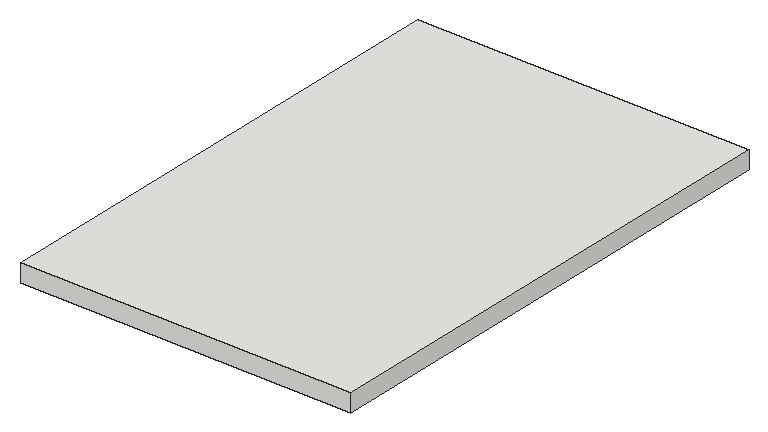
Revit family "SURVIVOR160xxWS8xxKx", category Leuchten, Revit 2024
Family settings
  Basisbauteil = Fläche
  Bemaßung runder Anschluss = Durchmesser verwenden
  Teiletyp = Normal
  OmniClass-Nummer = 23.80.70.11
  OmniClass-Titel = Luminaries for Internal Lighting
  Beim Laden mit Abzugskörper schneiden = Nein
  Lichtquelle = Ja
  Beschriftungsausrichtung beibehalten = Nein
  Gemeinsam genutzt = Nein
  Raumberechnungspunkt = Nein
Parameters (values of type "SURVIVOR160NDWS840K0700-RF")
  width = 240 mm  # constant formula
  weight = "13,2"
  voltage type (AC, DC, UC) = "AC"
  rated input power = 45
  product name = "SURVIVOR160NDWS840K0700-RF"
  nominal voltage = "230"
  nominal frequency = "50-60Hz"
  length = 1600 mm  # constant formula
  ingress protection (IP) code = "IP65"
  height = 73 mm  # constant formula
  electrical safety class = "1"
  control gear = ""
  conformity mark = "CE"  # constant formula
  brand = "RIDI"
  approval mark = ""
  built-in parameter 1150104 = 13.8 (stored number, unit not read)
  Wattage = 47.7979 W
  Von Breite des Rechtecks ausssenden = 1528 mm
  Von Länge des Rechtecks aussenden = 181 mm  # constant formula
  Default Elevation = 0 mm
  built-in parameter 1150113 = 1 (stored number, unit not read)
  built-in parameter 1114218 = 1 (stored number, unit not read)
  URL = "www.ridi.de"
  built-in parameter 1150134 = 12
  built-in parameter 1150109 = 1 (stored number, unit not read)
  built-in parameter 1150110 = 1 (stored number, unit not read)
  Apparent Load = 45 VA
  Tilt Angle = 90.00°
  Modell = "0622222//420"
  built-in parameter 1114217 = 1 (stored number, unit not read)
  built-in parameter 1150139 = (empty or 0)
  built-in parameter 1150105 = 565 (stored number, unit not read)
  built-in parameter 1150114 = 1 (stored number, unit not read)
  Lumens = 7100 lm
  built-in parameter 1150115 = 1 (stored number, unit not read)
  built-in parameter 1150112 = 1 (stored number, unit not read)
  Lampe = "LED"
  Hersteller = "RIDI Leuchten GmbH"  # constant formula
  Dimming Lamp Color Temperature Shift = (empty or 0)
  Color Filter = 16777215
  built-in parameter 1150133 = 10 (stored number, unit not read)
  Emit Shape Visible in Rendering = no
  built-in parameter 1150137 = (empty or 0)
  built-in parameter 1150132 = 2
  Datei für fotometrisches Netz = "SURVIVOR160DAWS840K0700.IES"
  Copyright = "© RIDI. All rights reserved."  # constant formula
  built-in parameter 1150106 = 5.65 (stored number, unit not read)
  Baugruppenkennzeichen = "D5020200"
  built-in parameter 1150107 = 4000 (stored number, unit not read)
  built-in parameter 1150102 = (empty or 0)
  built-in parameter 1150138 = (empty or 0)
Types (5, lengths in mm): name | rated input power | product name | Wattage | built-in parameter 1150134 | Apparent Load | Modell | built-in parameter 1150105 | Lumens | built-in parameter 1150106 | built-in parameter 1150107
  (no name) | 45 | "SURVIVOR160NDWS840K0700-RF" | 47.7979 W | 12 | 45 VA | "0622222//420" | 565 (stored number, unit not read) | 7100 lm | 5.65 (stored number, unit not read) | 4000 (stored number, unit not read)
  SURVIVOR160DAWS830K0650 | 43 | "SURVIVOR160DAWS830K0650" | 46.7881 W | (empty or 0) | 43 VA | "0632218" | 553.06 (stored number, unit not read) | 6950 lm | 5.5306 (stored number, unit not read) | 3000 (stored number, unit not read)
  SURVIVOR160NDWS830K0650-RF | 45 | "SURVIVOR160NDWS830K0650-RF" | 45.1051 W | (empty or 0) | 45 VA | "0622218//420" | 533.17 (stored number, unit not read) | 6700 lm | 5.3317 (stored number, unit not read) | 3000 (stored number, unit not read)
  SURVIVOR160NDWS840K0700-RF | 45 | "SURVIVOR160NDWS840K0700-RF" | 47.7979 W | 12 | 45 VA | "0622222//420" | 565 (stored number, unit not read) | 7100 lm | 5.65 (stored number, unit not read) | 4000 (stored number, unit not read)
  SURVIVOR160DAWS840K0700 | 43 | "SURVIVOR160DAWS840K0700" | 49.3463 W | 12 | 43 VA | "0632222" | 583.3 (stored number, unit not read) | 7330 lm | 5.833 (stored number, unit not read) | 4000 (stored number, unit not read)
Reference planes
  plane 1 "Mitte (Vorne/hinten)": y = 0
  plane 2: z = 0
  plane 3 "Mitte (Links/rechts)": x = 0
  plane 4: z = 1600
Forms (mm)
  Extrusion 1, solid
    sketch origin (219.2, 280.8, 0) x (1, 0, 0) y (0, 1, 0)
      loop
        line (-1219.2, 1219.2) -> (-1219.2, -1780.8) -> (780.8, -1780.8) -> (780.8, 1219.2) -> (-1219.2, 1219.2)
    from 0 to -107.307
Dimensions and locks
  plane 4 to Extrusion 1 = 1600 mm
  locked: imposter light to import instance at 24
  aligned and locked: plane 2 to Extrusion 1
  aligned and locked: level to Extrusion 1
Connectors
  electrical at (108.647, -793.25, 4.03), driven by "Apparent Load"
    settings: on import instance, index 1, voltage 230 V, apparent load 0 VA, apparent load phase1 45 VA, apparent load phase2 0 VA, apparent load phase3 0 VA, power factor 1, load classification "Lighting", number of poles 1, system type 31, power factor state 1, is connector primary yes, connector utility no, sub classification motor no, connector description ""
